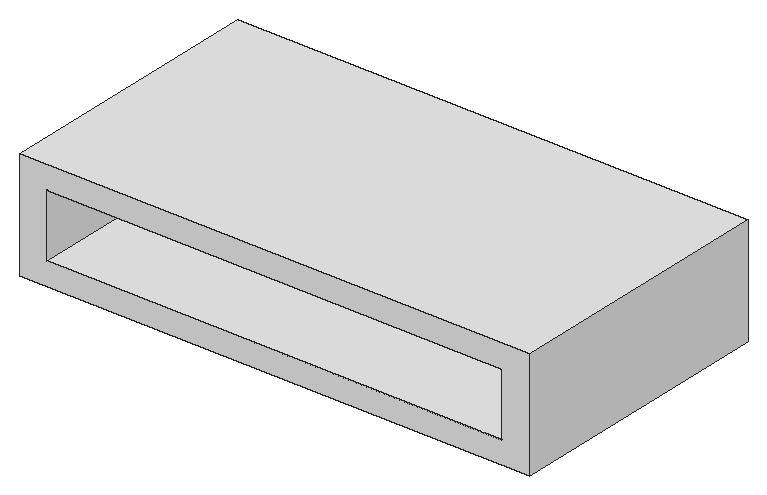
Revit family "12. 5er Set Wichmann TW90 Faltbox", category HLS-Bauteile, Revit 2018
Family settings
  Basisbauteil = Wand
  Bemaßung runder Anschluss = Durchmesser verwenden
  Teiletyp = Normal
  Immer vertikal = Ja
  Beim Laden mit Abzugskörper schneiden = Nein
  Gemeinsam genutzt = Nein
  Raumberechnungspunkt = Nein
Parameters (values of type "5er Set Wichmann TW90 Faltbox, 60x280x150 mm")
  Wandbreite [instance] = 300 mm
  Rohbauöffnung = yes
  Höhe UK Durchbruch = 1680 mm
  Höhe Rohbauöffnung = 90 mm
  Höhe Innenmaß = 35 mm
  Höhe Außenmaß = 60 mm
  Höhe = 1725 mm
  HAN = "VFB60280150"
  Breite Rohbauöffnung = 300 mm
  Breite Innenmaß = 250 mm
  Breite Außenmaß = 280 mm
  Bautiefe = 150 mm
  Ab0 [instance] = 0.5 * (Breite Rohbauöffnung - Breite Außenmaß)  # 10 mm
  Ah0 [instance] = 0.5 * (Höhe Rohbauöffnung - Höhe Außenmaß)  # 15 mm
Types (10, lengths in mm): name | HAN | Breite Rohbauöffnung | Breite Innenmaß | Breite Außenmaß | Bautiefe
  5er Set Wichmann TW90 Faltbox, 60x240x125 mm | "VFB60240125" | 260 | 210 | 240 | 125
  5er Set Wichmann TW90 Faltbox, 60x200x150 mm | "VFB60200150" | 220 | 170 | 200 | 150
  5er Set Wichmann TW90 Faltbox, 60x200x125 mm | "VFB60200125" | 220 | 170 | 200 | 125
  5er Set Wichmann TW90 Faltbox, 60x160x125 mm | "VFB60160125" | 180 | 130 | 160 | 125
  5er Set Wichmann TW90 Faltbox, 60x120x150 mm | "VFB60120150" | 140 | 90 | 120 | 150
  5er Set Wichmann TW90 Faltbox, 60x120x125 mm | "VFB60120125" | 140 | 90 | 120 | 125
  5er Set Wichmann TW90 Faltbox, 60x280x150 mm | "VFB60280150" | 300 | 250 | 280 | 150
  5er Set Wichmann TW90 Faltbox, 60x280x125 mm | "VFB60280125" | 300 | 250 | 280 | 125
  5er Set Wichmann TW90 Faltbox, 60x240x150 mm | "VFB60240150" | 260 | 210 | 240 | 150
  5er Set Wichmann TW90 Faltbox, 60x160x150 mm | "VFB60160150" | 180 | 130 | 160 | 150
Reference planes
  plane 1 "Wand": y = 0
  plane 2 "Mitte (Links/rechts)": x = 125
  plane 3 "Hinten": y = 150
  plane 4: y = 135
  plane 5: y = -15
  plane 6: z = 1725
  plane 7 "Vorne": y = -150
  plane 8: z = 1770
  plane 9: z = 1755
  plane 10: z = 1742.5
  plane 11: z = 1680
  plane 12: z = 1695
  plane 13: z = 1707.5
  plane 14: x = -25
  plane 15: x = -15
  plane 16: x = 0
  plane 17: x = 275
  plane 18: x = 265
  plane 19: x = 250
Forms (mm)
  Extrusion 1, solid, material "Brandschutzeinlage"
    sketch origin (0, 0, 0) x (1, 0, 0) y (0, 0, 1)
      loop
        line (-15, 1755) -> (-15, 1695) -> (265, 1695) -> (265, 1755) -> (-15, 1755)
      loop
        line (0, 1742.5) -> (0, 1707.5) -> (250, 1707.5) -> (250, 1742.5) -> (0, 1742.5)
    from -135 to 15
Text (mm)
  text "Placement Side" at (-1848.837, 1116.779, 0), in view "Ref.-Ebene"
  text "Placement side" at (0, 1409.804, 2854.306), in view "Links"
  text "Placement side" at (0, 499.811, 2980.732), in view "Rechts"
Dimensions and locks
  locked: plane 3 "Hinten" to host wall
  "Bautiefe": plane 4 to plane 5
  "Wandbreite": plane 7 "Vorne" to plane 3 "Hinten"
  equal spacing: plane 7 "Vorne", host wall, plane 3 "Hinten"
  equal spacing: nested 1, plane 2 "Mitte (Links/rechts)", nested 1
  equal spacing: nested 1, plane 6, nested 1
  equal spacing: plane 10, plane 6, plane 13
  equal spacing: plane 9, plane 6, plane 12
  equal spacing: plane 8, plane 6, plane 11
  "Höhe Innenmaß": plane 10 to plane 13
  "Höhe Außenmaß": plane 9 to plane 12
  "Höhe Rohbauöffnung": plane 8 to plane 11
  equal spacing: plane 19, plane 2 "Mitte (Links/rechts)", plane 16
  equal spacing: plane 18, plane 2 "Mitte (Links/rechts)", plane 15
  equal spacing: plane 17, plane 2 "Mitte (Links/rechts)", plane 14
  "Breite Innenmaß": plane 19 to plane 16
  "Breite Außenmaß": plane 18 to plane 15
  "Breite Rohbauöffnung": plane 17 to plane 14
  aligned and locked: plane 1 "Wand" to host wall
  aligned and locked: Extrusion 1 sketch curve to plane 9
  aligned and locked: plane 15 to Extrusion 1 sketch curve
  aligned and locked: Extrusion 1 sketch curve to plane 12
  aligned and locked: plane 18 to Extrusion 1 sketch curve
  aligned and locked: Extrusion 1 sketch curve to plane 10
  aligned and locked: plane 16 to Extrusion 1 sketch curve
  aligned and locked: Extrusion 1 sketch curve to plane 13
  aligned and locked: plane 19 to Extrusion 1 sketch curve
  aligned and locked: plane 4 to Extrusion 1
  aligned and locked: Extrusion 1 to plane 5
Nested families
  nested 1: "Wandöffnung rechteckig" at (0, 0, -170.446), visible <- "Rohbauöffnung", Breite Aussparung <- "Breite Rohbauöffnung", Höhe Aussparung <- "Höhe Rohbauöffnung", built-in parameter 1001360 <- "Höhe UK Durchbruch", Ab <- "Ab0", Ah <- "Ah0", type "WD"
    with Vorzeichen Umkehrung -10 mm, Unterer virtueller Schnittkörper 10 mm, Tiefe Aussparung 100 mm, Oberer virtueller Schnittkörper 10 mm, Linien verdeckt Ansicht no, Linien verdeckt no, Linien ausgezogen Ansicht yes, Linien ausgezogen yes, Höhe Aussparung 90 mm, Breite Aussparung 300 mm, Aussparung verdeckt no, Aussparung undurchsichtig yes, Aussparung höhenbezogen darstellen yes, Ausklinkungsansicht (nur bei Schatten) 10 mm, Ah 15 mm, Ab 10 mm, A2 60 mm, A1 280 mm, 2D Symbol Schnitt none, 2D Symbol Grundriss none, 2D Symbol Ansicht none
Definition of nested family "Wandöffnung rechteckig"
  Parameters (values of type "WD")
    Wandbreite [instance] = 150 mm
    Oberer virtueller Schnittkörper [instance] = 10 mm
    Vorzeichen Umkehrung [instance] = -1 * Unterer virtueller Schnittkörper  # -10 mm
    Präfix Beschriftung Aussparung = "B/H/T ="
    Aussparung verdeckt [instance] = or(Oberer virtueller Schnittkörper > Höhe Aussparung / 2, Unterer virtueller Schnittkörper > Höhe Aussparung / 2)  # no
    Breite Aussparung [instance] = 1000 mm
    Aussparung undurchsichtig [instance] = not(Linien verdeckt)  # yes
    Aussparung höhenbezogen darstellen [instance] = yes
    Höhe Aussparung [instance] = 1400 mm
    Tiefe2 Aussparung [instance] = if(Durchbruch, Wandbreite, if(not(Tiefe Aussparung < Wandbreite), Wandbreite - 10 mm, Tiefe Aussparung))  # 150 mm
    Tiefe Aussparung [instance] = 100 mm
    Ausklinkung Grundriss (nur bei Schatten) [instance] = if(and(Tiefe2 Aussparung > 400 mm, Breite Aussparung > 400 mm), 80 mm, if(Tiefe2 Aussparung < Breite Aussparung, Tiefe2 Aussparung * 0.2, Breite Aussparung * 0.2))  # 30 mm
    Ausklinkungsansicht (nur bei Schatten) [instance] = Ab  # 50 mm
    Kerbenschnitt (nur bei Schatten) [instance] = if(and(Tiefe2 Aussparung > 400 mm, Höhe Aussparung > 400 mm), 80 mm, if(Tiefe2 Aussparung < Höhe Aussparung, Tiefe2 Aussparung * 0.2, Höhe Aussparung * 0.2))  # 30 mm
    Unterer virtueller Schnittkörper [instance] = 10 mm
    Linien ausgezogen Ansicht [instance] = Durchbruch  # yes
    Linien ausgezogen [instance] = not(Linien verdeckt)  # yes
    Verdeckt außerhalb Maskierung [instance] = Wandbreite < 0 mm  # no
    Linien verdeckt Ansicht [instance] = not(Durchbruch)  # no
    Linien verdeckt [instance] = and(Aussparung verdeckt, Aussparung höhenbezogen darstellen)  # no
    Durchbruch = yes
    Aussparung Tiefe2 [instance] = if(Durchbruch, Wandbreite, if(not(Tiefe Aussparung < Wandbreite), Wandbreite - 10 mm, Tiefe Aussparung))  # 150 mm
    Ah [instance] = 50 mm
    A2 [instance] = Höhe Aussparung - 2 * Ah  # 1300 mm
    A1 [instance] = Breite Aussparung - 2 * Ab  # 900 mm
    Ab [instance] = 50 mm
    2D Symbol Ansicht [instance] = Schatten gefüllt : Schatten gefüllt
    2D Symbol Schnitt [instance] = Kreuz : Kreuz
    2D Symbol Grundriss [instance] = Kreuz : Kreuz
  Reference planes
    plane 1 "Wand": y = 0
    plane 2 "Mitte (Links/rechts)": x = 125
    plane 3 "Hinten": y = 75
    plane 4: z = 1940.446
    plane 5 "Mitte (Oben/Unten)": z = 1240.446
    plane 6: z = 540.446
    plane 7: x = 625
    plane 8: x = -375
    plane 9: y = 0
    plane 10 "Vorn": y = -75
    plane 11 "Gegenüber": y = -75
    plane 12: x = 575
    plane 13: x = -325
    plane 14: z = 1890.446
    plane 15: z = 590.446
  Forms (mm)
    Extrusion 1, void
      sketch origin (0, 75, -100) x (1, 0, 0) y (0, 0, 1)
        loop
          line (625, 2040.446) -> (-375, 2040.446) -> (-375, 640.446) -> (625, 640.446) -> (625, 2040.446)
      from 0 to 150
  Text (mm)
    text "Platzierungsseite" at (-1848.837, 1116.779, 0), in view "Ref.-Ebene"
    text "Platzierungsseite" at (0, 1409.804, 2854.306), in view "Links"
    text "Platzierungsseite" at (0, 499.811, 2980.732), in view "Rechts"
  Dimensions and locks
    locked: plane 3 "Hinten" to host wall
    equal spacing: plane 8, plane 2 "Mitte (Links/rechts)", plane 7
    "Breite Aussparung": plane 8 to plane 7
    equal spacing: plane 6, plane 5 "Mitte (Oben/Unten)", plane 4
    "Höhe Aussparung": plane 6 to plane 4
    "Wandbreite": host wall to host wall
    equal spacing: plane 3 "Hinten", plane 9, plane 10 "Vorn"
    "Tiefe2 Aussparung": plane 10 "Vorn" to plane 3 "Hinten"
    "Ab": plane 8 to plane 13
    "Ab": plane 7 to plane 12
    "Ah": plane 15 to plane 6
    "Ah": plane 4 to plane 14
    aligned and locked: plane 1 "Wand" to host wall
    aligned and locked: nested 2 to plane 9
    aligned and locked: plane 10 "Vorn" to nested 2
    aligned and locked: nested 1 to plane 9
    aligned and locked: plane 4 to Extrusion 1
    aligned and locked: Extrusion 1 to plane 6
    aligned and locked: plane 8 to Extrusion 1
    aligned and locked: Extrusion 1 to plane 7
    aligned and locked: plane 10 "Vorn" to Extrusion 1
    aligned and locked: Extrusion 1 to plane 3 "Hinten"
    aligned and locked: plane 5 "Mitte (Oben/Unten)" to nested 1
    aligned and locked: plane 11 "Gegenüber" to host wall
    aligned and locked: plane 5 "Mitte (Oben/Unten)" to nested 3
    aligned and locked: plane 2 "Mitte (Links/rechts)" to nested 3
    aligned and locked: plane 5 "Mitte (Oben/Unten)" to nested 4
    aligned and locked: plane 2 "Mitte (Links/rechts)" to nested 4
    aligned and locked: plane 2 "Mitte (Links/rechts)" to nested 5
    aligned and locked: nested 5 to plane 9
    aligned and locked: plane 5 "Mitte (Oben/Unten)" to nested 6
    aligned and locked: nested 6 to host wall
  Automatic sketch dimensions
    plane 4 to Extrusion 1 sketch curve = 0 mm
    plane 8 to Extrusion 1 sketch curve = 0 mm
    Extrusion 1 sketch curve to plane 6 = 0 mm
    plane 7 to Extrusion 1 sketch curve = 0 mm
  Nested families
    nested 1: "Kreuz" at (125, 0, 1240.446) x (0, -1, 0) z (1, 0, 0), Tiefe <- "A2", Breite <- "Tiefe2 Aussparung", type <- "2D Symbol Schnitt", Wand maskieren <- "Verdeckt außerhalb Maskierung", Verdeckte Linien <- "Verdeckt außerhalb Maskierung", type "Kreuz"
      with Wand maskieren no, Verdeckte Linien no, Tiefe 1300 mm, Linien ausgezogen yes, Füllungssymbol yes, Breite 150 mm
    nested 2: "Kreuz" at (125, 0, 1240.446), Breite <- "A1", Tiefe <- "Tiefe2 Aussparung", Wand maskieren <- "Aussparung undurchsichtig", Linien ausgezogen <- "Linien ausgezogen", Verdeckte Linien <- "Linien verdeckt", type <- "2D Symbol Grundriss", type "Kreuz"
      with Wand maskieren yes, Verdeckte Linien no, Tiefe 150 mm, Linien ausgezogen yes, Füllungssymbol yes, Breite 900 mm
    nested 3: "Schatten gefüllt" at (125, 75, 1240.446) x (-1, 0, 0) z (0, -1, 0), Tiefe <- "Höhe Aussparung", Breite <- "Breite Aussparung", Wand maskieren <- "Verdeckt außerhalb Maskierung", Verdeckte Linien <- "Verdeckt außerhalb Maskierung", type <- "2D Symbol Ansicht", Ah0 <- "Ah", Ab0 <- "Ab", type "Schatten gefüllt"
      with Wand maskieren no, Verdeckte Linien no, Tiefe 1400 mm, Linien ausgezogen yes, Füllungssymbol yes, Breite 1000 mm, Ah0 50 mm, Ab0 50 mm
    nested 4: "Schatten gefüllt" at (125, -75, 1240.446) x (-1, 0, 0) z (0, -1, 0), Tiefe <- "Höhe Aussparung", Wand maskieren <- "Verdeckt außerhalb Maskierung", Füllungssymbol <- "Verdeckt außerhalb Maskierung", Linien ausgezogen <- "Linien ausgezogen Ansicht", Verdeckte Linien <- "Linien verdeckt Ansicht", Breite <- "Breite Aussparung", type <- "2D Symbol Ansicht", Ab0 <- "Ab", Ah0 <- "Ah", type "Schatten gefüllt"
      with Wand maskieren no, Verdeckte Linien no, Tiefe 1400 mm, Linien ausgezogen yes, Füllungssymbol no, Breite 1000 mm, Ah0 50 mm, Ab0 50 mm
    nested 5: "LoMoChuNhat" at (125, 0, 0), B <- "Breite Aussparung", T <- "Tiefe2 Aussparung", type "LoMoChuNhat"
      with Wand maskieren yes, Verdeckte Linien yes, T 150 mm, Linien ausgezogen yes, Füllungssymbol yes, B 1000 mm
    nested 6: "LoMoChuNhat" at (125, 0, 1240.446) x (0, 0, 1) z (1, 0, 0), B <- "Höhe Aussparung", T <- "Tiefe2 Aussparung", type "LoMoChuNhat"
      with Wand maskieren yes, Verdeckte Linien yes, T 150 mm, Linien ausgezogen yes, Füllungssymbol yes, B 1400 mm
  Definition of nested family "Kreuz"
    Parameters (values of type "Kreuz gefüllt")
      Breite [instance] = 200 mm
      Wand maskieren [instance] = yes
      Linien ausgezogen [instance] = yes
      Verdeckte Linien [instance] = yes
      Füllungssymbol [instance] = yes
      Tiefe [instance] = 100 mm
    Reference planes
      plane 1 "Mitte ( Vorne/hinten)": y = 0
      plane 2: z = 0
      plane 3 "Mitte (Links/rechts)": x = 0
      plane 4: y = 50
      plane 5: x = -100
      plane 6: x = 100
      plane 7: y = -50
    Lines and regions (mm)
      Masking region 1, in view "Ref.-Ebene", visible <- "Wand maskieren"
        outline origin (0, 0, 0) x (1, 0, 0) y (0, 1, 0)
          loop
            line (-100, -50) -> (0, 0) -> (-100, 50) -> (-100, -50)
      Masking region 2, in view "Ref.-Ebene", visible <- "Wand maskieren"
        outline origin (0, 0, 0) x (0, 1, 0) y (-1, 0, 0)
          loop
            line (-50, -100) -> (50, -100) -> (0, 0) -> (-50, -100)
      Masking region 3, in view "Ref.-Ebene", visible <- "Wand maskieren"
        outline origin (0, 0, 0) x (1, 0, 0) y (0, 1, 0)
          loop
            line (-100, 50) -> (0, 0) -> (100, 50) -> (-100, 50)
      Masking region 4, in view "Ref.-Ebene", visible <- "Wand maskieren"
        outline origin (0, 0, 0) x (0, -1, 0) y (1, 0, 0)
          loop
            line (50, -100) -> (50, 100) -> (0, 0) -> (50, -100)
      detail lines, in view "Ref.-Ebene", visible <- "Linien ausgezogen"
        curve 1: line (-100, 50, 0) -> (100, 50, 0)
        curve 2: line (-100, -50, 0) -> (-100, 50, 0)
        curve 3: line (100, -50, 0) -> (-100, -50, 0)
        curve 4: line (100, 50, 0) -> (100, -50, 0)
        curve 5: line (-100, -50, 0) -> (100, 50, 0)
        curve 6: line (-100, 50, 0) -> (100, -50, 0)
      detail lines, in view "Ref.-Ebene", visible <- "Verdeckte Linien"
        curve 7: line (-100, 50, 0) -> (100, 50, 0)
        curve 8: line (-100, -50, 0) -> (-100, 50, 0)
        curve 9: line (100, -50, 0) -> (-100, -50, 0)
        curve 10: line (100, 50, 0) -> (100, -50, 0)
        curve 11: line (-100, 50, 0) -> (100, -50, 0)
        curve 12: line (-100, -50, 0) -> (100, 50, 0)
    Dimensions and locks
      equal spacing: plane 5, plane 3 "Mitte (Links/rechts)", plane 6
      equal spacing: plane 4, plane 1 "Mitte ( Vorne/hinten)", plane 7
      "Breite": plane 5 to plane 6
      "Tiefe": plane 4 to plane 7
      aligned and locked: curve 1 to plane 4
      aligned and locked: curve 3 to plane 7
      aligned and locked: Masking region 1 sketch curve to curve 2
      aligned and locked: Masking region 1 sketch curve to curve 6
      aligned and locked: Masking region 1 sketch curve to curve 5
      aligned and locked: Masking region 2 sketch curve to plane 6
      aligned and locked: Masking region 2 sketch curve to curve 5
      aligned and locked: Masking region 2 sketch curve to curve 6
      aligned and locked: Masking region 3 sketch curve to curve 1
      aligned and locked: Masking region 3 sketch curve to curve 6
      aligned and locked: curve 5 to Masking region 3 sketch curve
      aligned and locked: plane 7 to Masking region 4 sketch curve
      aligned and locked: curve 6 to Masking region 4 sketch curve
      aligned and locked: Masking region 4 sketch curve to curve 5
      aligned and locked: plane 6 to curve 10
      aligned and locked: plane 5 to curve 8
  Definition of nested family "Schatten gefüllt"
    Parameters (values of type "Schatten gefüllt")
      Wand maskieren [instance] = yes
      Linien ausgezogen [instance] = yes
      Verdeckte Linien [instance] = no
      Ab0 [instance] = 30 mm
      Füllungssymbol [instance] = yes
      Tiefe [instance] = 100 mm
      Breite [instance] = 200 mm
      Assembly Code = ""
      Ah0 [instance] = 30 mm
    Reference planes
      plane 1 "Mitte ( Vorne/hinten)": y = 0
      plane 2: z = 0
      plane 3 "Mitte (Links/rechts)": x = 0
      plane 4: y = 50
      plane 5: x = -100
      plane 6: x = 100
      plane 7: y = -50
      plane 8: y = 20
      plane 9: x = -70
    Lines and regions (mm)
      Filled region 1, type "Schwarz", in view "Referenzebene.", visible <- "Füllungssymbol"
        outline origin (0, 0, 0) x (0, 1, 0) y (-1, 0, 0)
          loop
            line (50, -100) -> (50, 100) -> (-50, 100) -> (20, 70) -> (50, -100)
      Masking region 1, in view "Referenzebene.", visible <- "Wand maskieren"
        outline origin (0, 0, 0) x (0, 1, 0) y (-1, 0, 0)
          loop
            line (-50, -100) -> (50, -100) -> (20, 70) -> (-50, 100) -> (-50, -100)
      detail lines, in view "Referenzebene.", visible <- "Linien ausgezogen"
        curve 1: line (100, 50, 0) -> (-100, 50, 0)
        curve 2: line (100, -50, 0) -> (100, 50, 0)
        curve 3: line (-100, -50, 0) -> (100, -50, 0)
        curve 4: line (-100, 50, 0) -> (-100, -50, 0)
        curve 5: line (100, 50, 0) -> (-70, 20, 0)
        curve 6: line (-70, 20, 0) -> (-100, -50, 0)
      detail lines, in view "Referenzebene.", visible <- "Verdeckte Linien"
        curve 7: line (100, 50, 0) -> (-100, 50, 0)
        curve 8: line (100, -50, 0) -> (100, 50, 0)
        curve 9: line (-100, -50, 0) -> (100, -50, 0)
        curve 10: line (-100, 50, 0) -> (-100, -50, 0)
        curve 11: line (100, 50, 0) -> (-70, 20, 0)
        curve 12: line (-70, 20, 0) -> (-100, -50, 0)
    Dimensions and locks
      equal spacing: plane 5, plane 3 "Mitte (Links/rechts)", plane 6
      "Breite": plane 5 to plane 6
      equal spacing: plane 4, plane 1 "Mitte ( Vorne/hinten)", plane 7
      "Tiefe": plane 7 to plane 4
      "Ah0": plane 4 to plane 8
      "Ab0": plane 5 to plane 9
      aligned and locked: Masking region 1 sketch curve to curve 11
      aligned and locked: Masking region 1 sketch curve to curve 12
      aligned and locked: plane 7 to Masking region 1 sketch curve
      aligned and locked: Masking region 1 sketch curve to plane 6
      aligned and locked: Filled region 1 sketch curve to plane 5
      aligned and locked: plane 4 to Filled region 1 sketch curve
      aligned and locked: curve 4 to plane 5
      aligned and locked: curve 2 to plane 6
      aligned and locked: plane 4 to curve 1
      aligned and locked: plane 7 to curve 3
      aligned and locked: Filled region 1 sketch curve to curve 6
      aligned and locked: Filled region 1 sketch curve to curve 11
    Automatic sketch dimensions
      Masking region 1 sketch curve to plane 8 = 0 mm
      Masking region 1 sketch curve to plane 4 = 0 mm
      Masking region 1 sketch curve to plane 9 = 0 mm
      Masking region 1 sketch curve to plane 5 = 0 mm
  Definition of nested family "LoMoChuNhat"
    Parameters (values of type "LoMoChuNhat")
      B [instance] = 200 mm
      Wand maskieren [instance] = yes
      Linien ausgezogen [instance] = yes
      Verdeckte Linien [instance] = yes
      Füllungssymbol [instance] = yes
      T [instance] = 100 mm
    Reference planes
      plane 1 "Mitte ( Vorne/hinten)": y = 0
      plane 2: z = 0
      plane 3 "Mitte (Links/rechts)": x = 0
      plane 4: y = 50
      plane 5: x = -100
      plane 6: x = 100
      plane 7: y = -50
    Lines and regions (mm)
      Masking region 1, in view "Ref.-Ebene", visible <- "Wand maskieren"
        outline origin (0, 0, 0) x (1, 0, 0) y (0, 1, 0)
          loop
            line (-100, -50) -> (0, 0) -> (-100, 50) -> (-100, -50)
      Masking region 2, in view "Ref.-Ebene", visible <- "Wand maskieren"
        outline origin (0, 0, 0) x (0, 1, 0) y (-1, 0, 0)
          loop
            line (-50, -100) -> (50, -100) -> (0, 0) -> (-50, -100)
      Masking region 3, in view "Ref.-Ebene", visible <- "Wand maskieren"
        outline origin (0, 0, 0) x (1, 0, 0) y (0, 1, 0)
          loop
            line (-100, 50) -> (0, 0) -> (100, 50) -> (-100, 50)
      Masking region 4, in view "Ref.-Ebene", visible <- "Wand maskieren"
        outline origin (0, 0, 0) x (0, -1, 0) y (1, 0, 0)
          loop
            line (50, -100) -> (50, 100) -> (0, 0) -> (50, -100)
      detail lines, in view "Ref.-Ebene", visible <- "Linien ausgezogen"
        curve 1: line (-100, 50, 0) -> (100, 50, 0)
        curve 2: line (-100, -50, 0) -> (-100, 50, 0)
        curve 3: line (100, -50, 0) -> (-100, -50, 0)
        curve 4: line (100, 50, 0) -> (100, -50, 0)
      detail lines, in view "Ref.-Ebene", visible <- "Verdeckte Linien"
        curve 5: line (-100, 50, 0) -> (100, 50, 0)
        curve 6: line (-100, -50, 0) -> (-100, 50, 0)
        curve 7: line (100, -50, 0) -> (-100, -50, 0)
        curve 8: line (100, 50, 0) -> (100, -50, 0)
    Dimensions and locks
      equal spacing: plane 5, plane 3 "Mitte (Links/rechts)", plane 6
      equal spacing: plane 4, plane 1 "Mitte ( Vorne/hinten)", plane 7
      "B": plane 5 to plane 6
      "T": plane 4 to plane 7
      aligned and locked: curve 1 to plane 4
      aligned and locked: curve 3 to plane 7
      aligned and locked: Masking region 1 sketch curve to curve 2
      aligned and locked: Masking region 2 sketch curve to plane 6
      aligned and locked: Masking region 3 sketch curve to curve 1
      aligned and locked: plane 7 to Masking region 4 sketch curve
      aligned and locked: plane 6 to curve 8
      aligned and locked: plane 5 to curve 6
    Automatic sketch dimensions
      plane 1 "Mitte ( Vorne/hinten)" to Masking region 1 sketch curve = 0 mm
      plane 7 to Masking region 1 sketch curve = 0 mm
      plane 1 "Mitte ( Vorne/hinten)" to Masking region 2 sketch curve = 0 mm
      Masking region 2 sketch curve to plane 4 = 0 mm
      plane 1 "Mitte ( Vorne/hinten)" to Masking region 3 sketch curve = 0 mm
      Masking region 3 sketch curve to plane 6 = 0 mm
      plane 1 "Mitte ( Vorne/hinten)" to Masking region 4 sketch curve = 0 mm
      Masking region 4 sketch curve to plane 5 = 0 mm
      Masking region 1 sketch curve to plane 3 "Mitte (Links/rechts)" = 0 mm
      Masking region 1 sketch curve to plane 4 = 0 mm
      plane 7 to Masking region 2 sketch curve = 0 mm
      Masking region 2 sketch curve to plane 3 "Mitte (Links/rechts)" = 0 mm
      Masking region 3 sketch curve to plane 5 = 0 mm
      Masking region 3 sketch curve to plane 3 "Mitte (Links/rechts)" = 0 mm
      Masking region 4 sketch curve to plane 3 "Mitte (Links/rechts)" = 0 mm
      Masking region 4 sketch curve to plane 6 = 0 mm
